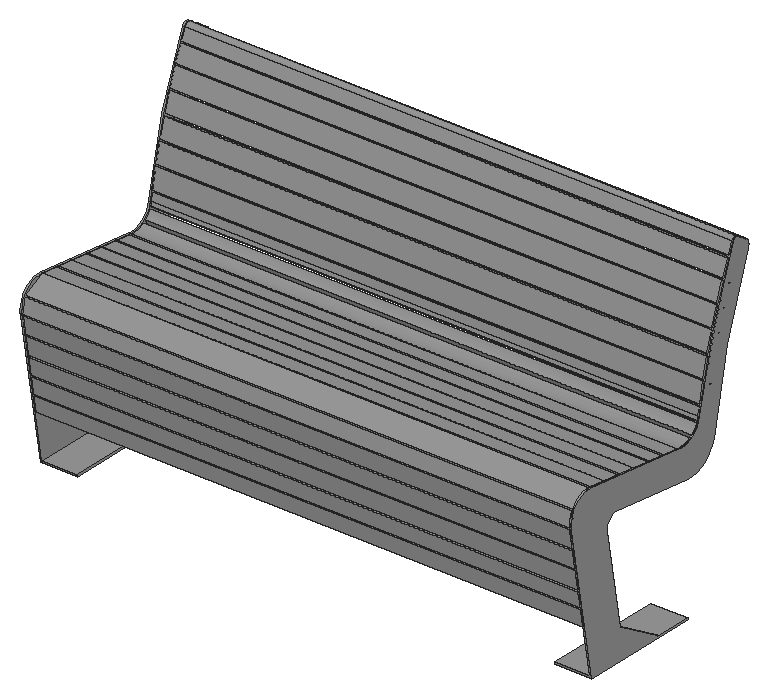
Revit family "Скамейка стальная «Мадрид» Арт 12168", category Антураж, Revit 2018
Family settings
  На основе рабочей плоскости = Нет
  Всегда вертикально = Да
  При загрузке вырезать с полостями = Нет
  Источник визуального образа = Геометрия семейства
  Общий = Нет
  Точка расчета площади = Нет
Parameters (values of type "Версия 1,5 м нержавейка плюс сосна")
  Ширина = 600 mm  # constant formula
  Цвет опор = Нержавейка
  Цвет лавки = Сосна
  Средняя опора = or([Версия 2,0 м (3 опоры)], [Версия 2,0 м (3 опоры) композит], [Версия 3,0 м (3 опоры)])  # no
  Описание = if([Версия 0,6 м (кресло)], "Скамейка стальная «Мадрид». Версия 0,6 м (кресло)", if([Версия 1,5 м], "Скамейка стальная «Мадрид». Версия 1,5 м", if([Версия 1,5 м композит], "Скамейка стальная «Мадрид». Версия 1,5 м. Материал лавки композит", if([Версия 1,5 м нержавейка плюс сосна], "Скамейка стальная «Мадрид». Версия 1,5 м. Материал опор нержавеющая стали, материал лавки сосна", if([Версия 1,8 м], "Скамейка стальная «Мадрид». Версия 1,8 м", if([Версия 1,8 м композит], "Скамейка стальная «Мадрид». Версия 1,8 м. Материал лавки композит", if([Версия 2,0 м (3 опоры)], "Скамейка стальная «Мадрид». Версия 2,0 м. На трех опорах", if([Версия 2,0 м (3 опоры) композит], "Скамейка стальная «Мадрид». Версия 2,0 м, Материал лавки композит, на трех опорах", "Скамейка стальная «Мадрид». Версия 3,0 м. На трех опорах"))))))))  # "Скамейка стальная «Мадрид». Версия 1,5 м. Материал опор нержавеющая стали, материал лавки сосна"
  Материал изделия = "Сталь, дерево, композитные материалы"  # constant formula
  Изображение типоразмера = Скамейка стальная «Мадрид» Арт 12168.jpg
  Изготовитель = "ООО «Хоббика»"  # constant formula
  Длина = if([Версия 0,6 м (кресло)], 600 mm, if(or([Версия 1,5 м], [Версия 1,5 м композит], [Версия 1,5 м нержавейка плюс сосна]), 1500 mm, if(or([Версия 1,8 м], [Версия 1,8 м композит]), 1800 mm, if(or([Версия 2,0 м (3 опоры)], [Версия 2,0 м (3 опоры) композит]), 2000 mm, 3000 mm))))  # 1500 mm
  Группа модели = "Скамейки"  # constant formula
  Высота = 860 mm  # constant formula
  Версия 3,0 м (3 опоры) = not(or([Версия 0,6 м (кресло)], [Версия 1,5 м], [Версия 1,5 м композит], [Версия 1,5 м нержавейка плюс сосна], [Версия 1,8 м], [Версия 1,8 м композит], [Версия 2,0 м (3 опоры)], [Версия 2,0 м (3 опоры) композит]))  # no
  Версия 2,0 м (3 опоры) = no
  Версия 2,0 м (3 опоры) композит = no
  Версия 1,8 м = no
  Версия 1,8 м композит = no
  Версия 1,5 м нержавейка плюс сосна = yes
  Версия 1,5 м композит = no
  Версия 1,5 м = no
  Версия 0,6 м (кресло) = no
  Артикул товара = "Арт. 12168"  # constant formula
  URL = "https://hobbyka.ru/product/skameyka_madrid_/"
Types (10, lengths in mm): name | Цвет опор | Цвет лавки | Средняя опора | Описание | Длина | Версия 3,0 м (3 опоры) | Версия 2,0 м (3 опоры) | Версия 2,0 м (3 опоры) композит | Версия 1,8 м | Версия 1,8 м композит | Версия 1,5 м нержавейка плюс сосна | Версия 1,5 м композит | Версия 1,5 м | Версия 0,6 м (кресло)
  (no name) | Нержавейка | Сосна | no | "Скамейка стальная «Мадрид». Версия 1,5 м. Материал опор нержавеющая стали, материал лавки сосна" | 1500 | no | no | no | no | no | yes | no | no | no
  Версия 0,6 м (кресло) | Сталь | Дерево | no | "Скамейка стальная «Мадрид». Версия 0,6 м (кресло)" | 600 | no | no | no | no | no | no | no | no | yes
  Версия 1,5 м | Сталь | Дерево | no | "Скамейка стальная «Мадрид». Версия 1,5 м" | 1500 | no | no | no | no | no | no | no | yes | no
  Версия 1,5 м комопзит | Сталь | Композит | no | "Скамейка стальная «Мадрид». Версия 1,5 м. Материал лавки композит" | 1500 | no | no | no | no | no | no | yes | no | no
  Версия 1,5 м нержавейка плюс сосна | Нержавейка | Сосна | no | "Скамейка стальная «Мадрид». Версия 1,5 м. Материал опор нержавеющая стали, материал лавки сосна" | 1500 | no | no | no | no | no | yes | no | no | no
  Версия 1,8 м | Сталь | Дерево | no | "Скамейка стальная «Мадрид». Версия 1,8 м" | 1800 | no | no | no | yes | no | no | no | no | no
  Версия 1,8 м композит | Сталь | Композит | no | "Скамейка стальная «Мадрид». Версия 1,8 м. Материал лавки композит" | 1800 | no | no | no | no | yes | no | no | no | no
  Версия 2,0 м (3 опоры) | Сталь | Дерево | yes | "Скамейка стальная «Мадрид». Версия 2,0 м. На трех опорах" | 2000 | no | yes | no | no | no | no | no | no | no
  Версия 2,0 м (3 опоры) композит | Сталь | Композит | yes | "Скамейка стальная «Мадрид». Версия 2,0 м, Материал лавки композит, на трех опорах" | 2000 | no | no | yes | no | no | no | no | no | no
  Версия 3,0 м (3 опоры) | Сталь | Дерево | yes | "Скамейка стальная «Мадрид». Версия 3,0 м. На трех опорах" | 3000 | yes | no | no | no | no | no | no | no | no
Reference planes
  plane 1 "По центру (Вперед/Назад)": y = 0
  plane 2: z = 0
  plane 3 "По центру (Влево/Вправо)": x = 0
  plane 4: x = 1500
  plane 5: y = 600
  plane 6: z = 860
  plane 7: x = 1495
Forms (mm)
  Extrusion 1, solid, material "Сосна" <- "Цвет лавки"
    sketch origin (0, 0, 0) x (0, 1, 0) y (0, 0, 1)
      loop
        arc (436.307, 476.503) -> (435.17, 471.145) -> (433.545, 465.914) r 59.423
        line (433.545, 465.914) -> (462.292, 444.252)
        arc (462.292, 444.252) -> (467.555, 457.22) -> (470.843, 470.823) r 94.423
        arc (470.843, 470.823) -> (471.362, 473.953) -> (471.887, 477.082) r 1427.815
        line (471.887, 477.082) -> (439.956, 497.714)
        arc (439.956, 497.714) -> (438.093, 487.115) -> (436.307, 476.503) r 1462.815
      loop
        arc (551.35, 851.673) -> (544.968, 837.641) -> (538.736, 823.543) r 1462.815
        line (538.736, 823.543) -> (568.536, 804.287)
        arc (568.536, 804.287) -> (577.711, 825.115) -> (587.217, 845.793) r 1427.815
        line (587.217, 845.793) -> (568.886, 857.638)
        arc (568.886, 857.638) -> (558.674, 858.899) -> (551.35, 851.673) r 11.809
      loop
        line (44.424, 133.937) -> (79.956, 133.937) -> (72.198, 178.263) -> (36.666, 178.263) -> (44.424, 133.937)
      loop
        line (69.613, 464.188) -> (69.613, 428.96) -> (114.277, 423.476) -> (114.277, 458.709) -> (69.613, 464.188)
      loop
        line (367.377, 427.622) -> (367.377, 392.286)
        arc (367.377, 392.286) -> (396.133, 393.546) -> (423.173, 403.41) r 94.423
        line (423.173, 403.41) -> (408.857, 435.564)
        arc (408.857, 435.564) -> (388.846, 427.783) -> (367.377, 427.622) r 59.423
      loop
        arc (34.266, 394.945) -> (33.719, 406.216) -> (37.685, 416.78) r 27.872
        line (37.685, 416.78) -> (6.606, 433.012) -> (-1.279, 394.945) -> (34.266, 394.945)
      loop
        line (71.336, 183.188) -> (63.578, 227.515) -> (28.047, 227.515) -> (35.804, 183.188) -> (71.336, 183.188)
      loop
        line (62.717, 232.44) -> (54.097, 281.691) -> (18.565, 281.691) -> (27.185, 232.44) -> (62.717, 232.44)
      loop
        line (53.235, 286.616) -> (44.616, 335.868) -> (9.084, 335.868) -> (17.703, 286.616) -> (53.235, 286.616)
      loop
        line (43.754, 340.793) -> (35.134, 390.044) -> (-0.398, 390.044) -> (8.222, 340.793) -> (43.754, 340.793)
      loop
        arc (40.297, 420.278) -> (51.32, 427.946) -> (64.65, 429.569) r 27.872
        line (64.65, 429.569) -> (64.65, 464.651) -> (8.711, 436.442) -> (40.297, 420.278)
      loop
        line (119.24, 422.867) -> (163.905, 417.383) -> (163.905, 452.622) -> (119.24, 458.1) -> (119.24, 422.867)
      loop
        line (168.867, 416.773) -> (213.532, 411.29) -> (213.532, 446.534) -> (168.867, 452.013) -> (168.867, 416.773)
      loop
        line (218.495, 410.68) -> (263.159, 405.196) -> (263.159, 440.447) -> (218.495, 445.925) -> (218.495, 410.68)
      loop
        line (268.122, 404.587) -> (312.787, 399.103) -> (312.787, 434.359) -> (268.122, 439.838) -> (268.122, 404.587)
      loop
        line (317.749, 398.494) -> (362.414, 393.01) -> (362.414, 428.272) -> (317.749, 433.751) -> (317.749, 398.494)
      loop
        arc (536.719, 818.893) -> (527.904, 798.032) -> (519.414, 777.038) r 1462.815
        line (519.414, 777.038) -> (549.406, 757.659)
        arc (549.406, 757.659) -> (557.805, 778.71) -> (566.537, 799.626) r 1427.815
        line (566.537, 799.626) -> (536.719, 818.893)
      loop
        line (415.3, 440.155) -> (432.945, 409.592)
        arc (432.945, 409.592) -> (448.076, 423.226) -> (459.931, 439.787) r 94.423
        line (459.931, 439.787) -> (431.582, 461.149)
        arc (431.582, 461.149) -> (424.629, 449.73) -> (415.3, 440.155) r 59.423
      loop
        arc (517.546, 772.292) -> (508.503, 748.584) -> (499.872, 724.722) r 1462.815
        line (499.872, 724.722) -> (530.124, 705.175)
        arc (530.124, 705.175) -> (538.63, 729.114) -> (547.56, 752.898) r 1427.815
        line (547.56, 752.898) -> (517.546, 772.292)
      loop
        arc (498.173, 719.867) -> (489.968, 695.606) -> (482.189, 671.206) r 1462.815
        line (482.189, 671.206) -> (512.754, 651.456)
        arc (512.754, 651.456) -> (520.383, 675.95) -> (528.451, 700.303) r 1427.815
        line (528.451, 700.303) -> (498.173, 719.867)
      loop
        arc (480.663, 666.239) -> (473.322, 641.408) -> (466.422, 616.451) r 1462.815
        line (466.422, 616.451) -> (497.358, 596.462)
        arc (497.358, 596.462) -> (504.081, 621.529) -> (511.259, 646.469) r 1427.815
        line (511.259, 646.469) -> (480.663, 666.239)
      loop
        arc (465.075, 611.369) -> (458.629, 585.947) -> (452.639, 560.415) r 1462.815
        line (452.639, 560.415) -> (484.011, 540.144)
        arc (484.011, 540.144) -> (489.793, 565.805) -> (496.048, 591.356) r 1427.815
        line (496.048, 591.356) -> (465.075, 611.369)
      loop
        arc (451.478, 555.212) -> (445.963, 529.175) -> (440.923, 503.042) r 1462.815
        line (440.923, 503.042) -> (472.804, 482.443)
        arc (472.804, 482.443) -> (477.603, 508.725) -> (482.893, 534.913) r 1427.815
        line (482.893, 534.913) -> (451.478, 555.212)
    from 5 to 1495
Dimensions and locks
  "Длина": plane 3 "По центру (Влево/Вправо)" to plane 4
  "Ширина": plane 5 to plane 1 "По центру (Вперед/Назад)"
  equal spacing: plane 3 "По центру (Влево/Вправо)", nested 1, plane 4
  "Высота": plane 6 to level
  locked: plane 7 to plane 4 at 5
  aligned and locked: level to plane 2
  aligned and locked: plane 4 to nested 3
  aligned and locked: plane 3 "По центру (Влево/Вправо)" to nested 2
  aligned and locked: Extrusion 1 to plane 7
Automatic sketch dimensions
  Extrusion 1 sketch curve to Extrusion 1 sketch curve = 0 mm  (x43)
  plane 1 "По центру (Вперед/Назад)" to Extrusion 1 sketch curve = 1.279 mm
  plane 1 "По центру (Вперед/Назад)" to Extrusion 1 sketch curve = 0.398 mm
  Extrusion 1 sketch curve to plane 1 "По центру (Вперед/Назад)" = 6.606 mm
  Extrusion 1 sketch curve to plane 1 "По центру (Вперед/Назад)" = 8.222 mm
  Extrusion 1 sketch curve to Extrusion 1 sketch curve = 2.105 mm
  Extrusion 1 sketch curve to Extrusion 1 sketch curve = 0.862 mm  (x8)
  Extrusion 1 sketch curve to plane 1 "По центру (Вперед/Назад)" = 17.703 mm
  Extrusion 1 sketch curve to plane 1 "По центру (Вперед/Назад)" = 27.185 mm
  Extrusion 1 sketch curve to plane 1 "По центру (Вперед/Назад)" = 34.266 mm
  Extrusion 1 sketch curve to Extrusion 1 sketch curve = 0.868 mm
  Extrusion 1 sketch curve to plane 1 "По центру (Вперед/Назад)" = 35.804 mm
  Extrusion 1 sketch curve to Extrusion 1 sketch curve = 3.419 mm
  Extrusion 1 sketch curve to Extrusion 1 sketch curve = 2.612 mm
  Extrusion 1 sketch curve to Extrusion 1 sketch curve = 34.67 mm  (x4)
  Extrusion 1 sketch curve to plane 1 "По центру (Вперед/Назад)" = 44.424 mm
  Extrusion 1 sketch curve to Extrusion 1 sketch curve = 20.959 mm
  Extrusion 1 sketch curve to Extrusion 1 sketch curve = 24.354 mm
  Extrusion 1 sketch curve to Extrusion 1 sketch curve = 4.962 mm
  Extrusion 1 sketch curve to Extrusion 1 sketch curve = 35.532 mm
  Extrusion 1 sketch curve to Extrusion 1 sketch curve = 44.665 mm  (x5)
  Extrusion 1 sketch curve to Extrusion 1 sketch curve = 4.963 mm  (x6)
  Extrusion 1 sketch curve to Extrusion 1 sketch curve = 10.295 mm
  Extrusion 1 sketch curve to Extrusion 1 sketch curve = 2.017 mm
  Extrusion 1 sketch curve to plane 6 = 12.281 mm
  Extrusion 1 sketch curve to Extrusion 1 sketch curve = 23.741 mm
  Extrusion 1 sketch curve to plane 5 = 33.463 mm
  Extrusion 1 sketch curve to Extrusion 1 sketch curve = 1.999 mm
  Extrusion 1 sketch curve to plane 6 = 2.362 mm
  Extrusion 1 sketch curve to Extrusion 1 sketch curve = 6.409 mm
  Extrusion 1 sketch curve to plane 5 = 12.783 mm
  Extrusion 1 sketch curve to Extrusion 1 sketch curve = 44.326 mm  (x2)
  Extrusion 1 sketch curve to Extrusion 1 sketch curve = 4.925 mm  (x4)
  Extrusion 1 sketch curve to Extrusion 1 sketch curve = 49.251 mm  (x3)
  Extrusion 1 sketch curve to Extrusion 1 sketch curve = 56.419 mm
  Extrusion 1 sketch curve to Extrusion 1 sketch curve = 0.724 mm
  Extrusion 1 sketch curve to Extrusion 1 sketch curve = 4.901 mm
  Extrusion 1 sketch curve to Extrusion 1 sketch curve = 5.484 mm  (x5)
  Extrusion 1 sketch curve to Extrusion 1 sketch curve = 0.609 mm  (x11)
  Extrusion 1 sketch curve to Extrusion 1 sketch curve = 6.959 mm
  Extrusion 1 sketch curve to Extrusion 1 sketch curve = 3.498 mm
  Extrusion 1 sketch curve to Extrusion 1 sketch curve = 34.612 mm
  Extrusion 1 sketch curve to Extrusion 1 sketch curve = 0.65 mm
  Extrusion 1 sketch curve to Extrusion 1 sketch curve = 16.231 mm
  Extrusion 1 sketch curve to Extrusion 1 sketch curve = 34.647 mm
  Extrusion 1 sketch curve to Extrusion 1 sketch curve = 3.43 mm
  Extrusion 1 sketch curve to Extrusion 1 sketch curve = 34.642 mm
  Extrusion 1 sketch curve to Extrusion 1 sketch curve = 34.636 mm
  Extrusion 1 sketch curve to Extrusion 1 sketch curve = 34.63 mm
  Extrusion 1 sketch curve to Extrusion 1 sketch curve = 34.624 mm
  Extrusion 1 sketch curve to Extrusion 1 sketch curve = 35.082 mm
  Extrusion 1 sketch curve to Extrusion 1 sketch curve = 4.661 mm
  Extrusion 1 sketch curve to Extrusion 1 sketch curve = 14.606 mm
  Extrusion 1 sketch curve to Extrusion 1 sketch curve = 4.65 mm
  Extrusion 1 sketch curve to Extrusion 1 sketch curve = 6.443 mm
  Extrusion 1 sketch curve to Extrusion 1 sketch curve = 3.649 mm
  Extrusion 1 sketch curve to Extrusion 1 sketch curve = 0.967 mm
  Extrusion 1 sketch curve to Extrusion 1 sketch curve = 14.316 mm
  Extrusion 1 sketch curve to Extrusion 1 sketch curve = 4.726 mm
  Extrusion 1 sketch curve to Extrusion 1 sketch curve = 9.772 mm
  Extrusion 1 sketch curve to Extrusion 1 sketch curve = 1.963 mm
  Extrusion 1 sketch curve to Extrusion 1 sketch curve = 10.554 mm
  Extrusion 1 sketch curve to Extrusion 1 sketch curve = 1.161 mm
  Extrusion 1 sketch curve to Extrusion 1 sketch curve = 12.436 mm
  Extrusion 1 sketch curve to Extrusion 1 sketch curve = 1.347 mm
  Extrusion 1 sketch curve to Extrusion 1 sketch curve = 28.349 mm
  Extrusion 1 sketch curve to Extrusion 1 sketch curve = 2.361 mm
  Extrusion 1 sketch curve to Extrusion 1 sketch curve = 8.551 mm
  Extrusion 1 sketch curve to Extrusion 1 sketch curve = 1.044 mm
  Extrusion 1 sketch curve to Extrusion 1 sketch curve = 0.917 mm
  Extrusion 1 sketch curve to Extrusion 1 sketch curve = 14.241 mm
  Extrusion 1 sketch curve to Extrusion 1 sketch curve = 1.526 mm
  Extrusion 1 sketch curve to Extrusion 1 sketch curve = 15.984 mm
  Extrusion 1 sketch curve to Extrusion 1 sketch curve = 1.31 mm
  Extrusion 1 sketch curve to Extrusion 1 sketch curve = 30.596 mm
  Extrusion 1 sketch curve to Extrusion 1 sketch curve = 1.494 mm
  Extrusion 1 sketch curve to Extrusion 1 sketch curve = 19.172 mm
  Extrusion 1 sketch curve to Extrusion 1 sketch curve = 1.867 mm
  Extrusion 1 sketch curve to Extrusion 1 sketch curve = 30.278 mm
  Extrusion 1 sketch curve to Extrusion 1 sketch curve = 1.673 mm
  Extrusion 1 sketch curve to Extrusion 1 sketch curve = 30.014 mm
  Extrusion 1 sketch curve to Extrusion 1 sketch curve = 1.846 mm
  Extrusion 1 sketch curve to Extrusion 1 sketch curve = 4.591 mm
  Extrusion 1 sketch curve to Extrusion 1 sketch curve = 4.465 mm
  Extrusion 1 sketch curve to Extrusion 1 sketch curve = 4.765 mm
  Extrusion 1 sketch curve to Extrusion 1 sketch curve = 0.463 mm
  Extrusion 1 sketch curve to Extrusion 1 sketch curve = 21.211 mm
  Extrusion 1 sketch curve to Extrusion 1 sketch curve = 5.328 mm
  Extrusion 1 sketch curve to Extrusion 1 sketch curve = 15.068 mm
  Extrusion 1 sketch curve to Extrusion 1 sketch curve = 5.203 mm
  Extrusion 1 sketch curve to Extrusion 1 sketch curve = 14.907 mm
  Extrusion 1 sketch curve to Extrusion 1 sketch curve = 5.082 mm
  Extrusion 1 sketch curve to Extrusion 1 sketch curve = 14.782 mm
  Extrusion 1 sketch curve to Extrusion 1 sketch curve = 4.967 mm
  Extrusion 1 sketch curve to Extrusion 1 sketch curve = 14.692 mm
  Extrusion 1 sketch curve to Extrusion 1 sketch curve = 4.855 mm
  Extrusion 1 sketch curve to Extrusion 1 sketch curve = 4.76 mm
  Extrusion 1 sketch curve to Extrusion 1 sketch curve = 14.633 mm
  Extrusion 1 sketch curve to Extrusion 1 sketch curve = 4.746 mm
  Extrusion 1 sketch curve to Extrusion 1 sketch curve = 6.182 mm
  Extrusion 1 sketch curve to Extrusion 1 sketch curve = 1.699 mm
  Extrusion 1 sketch curve to Extrusion 1 sketch curve = 5.361 mm
  Extrusion 1 sketch curve to Extrusion 1 sketch curve = 31.817 mm
  Extrusion 1 sketch curve to Extrusion 1 sketch curve = 6.259 mm
  Extrusion 1 sketch curve to Extrusion 1 sketch curve = 1.118 mm
  Extrusion 1 sketch curve to Extrusion 1 sketch curve = 31.415 mm
  Extrusion 1 sketch curve to Extrusion 1 sketch curve = 16.281 mm
  Extrusion 1 sketch curve to Extrusion 1 sketch curve = 30.973 mm
  level to Extrusion 1 sketch curve = 133.937 mm
Nested families
  nested 1: "Скамейка стальная «Мадрид» Арт 12168 средняя опора" at (750, 0, 0), visible <- "Средняя опора", type "Скамейка стальная «Мадрид» Арт 12168 средняя опора"
  nested 2: "Скамейка стальная «Мадрид» Арт 12168 крайняя опора" at (0, 0, 0), type "Скамейка стальная «Мадрид» Арт 12168 крайняя опора"
  nested 3: "Скамейка стальная «Мадрид» Арт 12168 крайняя опора" at (1500, 0, 0) x (-1, 0, 0) z (0, 0, 1), type "Скамейка стальная «Мадрид» Арт 12168 крайняя опора"
Definition of nested family "Скамейка стальная «Мадрид» Арт 12168 средняя опора"
  Parameters (values of type "Скамейка стальная «Мадрид» Арт 12168 средняя опора")
    Цвет опоры = none
    Height = 0 mm
  Reference planes
    plane 1 "По центру (Вперед/Назад)": y = 0
    plane 2: z = 0
    plane 3 "По центру (Влево/Вправо)": x = 0
  Forms (mm)
    Extrusion 1, solid, material <- "Цвет опоры"
      sketch origin (0, 0, 0) x (0, 1, 0) y (0, 0, 1)
        loop
          line (67.864, 0) -> (392.864, 0) -> (392.864, 5) -> (66.989, 5) -> (67.864, 0)
      from 0 to 100
    Extrusion 2, solid, material <- "Цвет опоры"
      sketch origin (0, 0, 0) x (0, 1, 0) y (0, 0, 1)
        loop
          line (44.424, 133.937) -> (67.864, 0) -> (302.864, 0) -> (79.956, 133.937) -> (44.424, 133.937)
      from 0 to 5
    Extrusion 3, solid, material <- "Цвет опоры"
      sketch origin (0, 0, 0) x (0, 1, 0) y (0, 0, 1)
        loop
          line (79.956, 133.937) -> (85.628, 130.528) -> (39.17, 395.986)
          arc (39.17, 395.986) -> (43.994, 416.91) -> (64.041, 424.608) r 22.865
          line (64.041, 424.608) -> (360.698, 388.183)
          arc (360.698, 388.183) -> (435.288, 405.119) -> (475.777, 470.011) r 99.423
          arc (475.777, 470.011) -> (520.755, 660.521) -> (591.455, 843.055) r 1422.815
          line (591.455, 843.055) -> (587.217, 845.793)
          arc (587.217, 845.793) -> (516.08, 662.327) -> (470.843, 470.823) r 1427.815
          arc (470.843, 470.823) -> (432.34, 409.159) -> (361.432, 393.13) r 94.423
          line (361.432, 393.13) -> (64.65, 429.57)
          arc (64.65, 429.57) -> (40.297, 420.278) -> (34.282, 394.915) r 27.865
          line (34.282, 394.915) -> (79.956, 133.937)
      from 0 to 35
  Cuts and joins
    joined: Extrusion 1, Extrusion 2, Extrusion 3
  Dimensions and locks
    aligned and locked: level to plane 2
Definition of nested family "Скамейка стальная «Мадрид» Арт 12168 крайняя опора"
  Parameters (values of type "Скамейка стальная «Мадрид» Арт 12168 крайняя опора")
    Цвет опоры = none
    Height = 0 mm
  Reference planes
    plane 1 "По центру (Вперед/Назад)": y = 0
    plane 2: z = 0
    plane 3 "По центру (Влево/Вправо)": x = 0
  Forms (mm)
    Extrusion 1, solid, material <- "Цвет опоры"
      sketch origin (0, 0, 0) x (0, 1, 0) y (0, 0, 1)
        loop
          line (67.864, 0) -> (392.864, 0) -> (392.864, 5) -> (66.989, 5) -> (67.864, 0)
      from 0 to 100
    Extrusion 2, solid, material <- "Цвет опоры"
      sketch origin (0, 0, 0) x (0, 1, 0) y (0, 0, 1)
        loop
          arc (568.886, 857.638) -> (558.674, 858.899) -> (551.35, 851.673) r 11.809
          arc (551.35, 851.673) -> (481.191, 667.963) -> (436.307, 476.503) r 1462.815
          arc (436.307, 476.503) -> (411.756, 437.47) -> (366.679, 427.749) r 59.423
          line (366.679, 427.749) -> (68.915, 464.31)
          arc (68.915, 464.31) -> (14.536, 443.978) -> (0, 387.771) r 62.865
          line (0, 387.771) -> (67.864, 0) -> (302.864, 0) -> (161.431, 84.981) -> (117.472, 336.164)
          arc (117.472, 336.164) -> (127.827, 361.164) -> (152.827, 371.519) r 35.355
          line (152.827, 371.519) -> (391.038, 342.27)
          arc (391.038, 342.27) -> (448.068, 355.437) -> (483.292, 402.181) r 85.565
          arc (483.292, 402.181) -> (527.795, 611.837) -> (598.131, 814.295) r 1712.967
          arc (598.131, 814.295) -> (600.113, 827.762) -> (595.374, 840.522) r 27.419
          line (595.374, 840.522) -> (568.886, 857.638)
      from 0 to 5
    Extrusion 3, solid, material <- "Цвет опоры"
      sketch origin (0, 0, 0) x (0, 1, 0) y (0, 0, 1)
        loop
          line (79.956, 133.937) -> (85.628, 130.528) -> (39.17, 395.986)
          arc (39.17, 395.986) -> (43.994, 416.91) -> (64.041, 424.608) r 22.865
          line (64.041, 424.608) -> (360.698, 388.183)
          arc (360.698, 388.183) -> (435.288, 405.119) -> (475.777, 470.011) r 99.423
          arc (475.777, 470.011) -> (520.755, 660.521) -> (591.455, 843.055) r 1422.815
          line (591.455, 843.055) -> (587.217, 845.793)
          arc (587.217, 845.793) -> (516.08, 662.327) -> (470.843, 470.823) r 1427.815
          arc (470.843, 470.823) -> (432.34, 409.159) -> (361.432, 393.13) r 94.423
          line (361.432, 393.13) -> (64.65, 429.57)
          arc (64.65, 429.57) -> (40.297, 420.278) -> (34.282, 394.915) r 27.865
          line (34.282, 394.915) -> (79.956, 133.937)
      from 0 to 35
  Cuts and joins
    joined: Extrusion 1, Extrusion 2, Extrusion 3
  Dimensions and locks
    aligned and locked: level to plane 2
